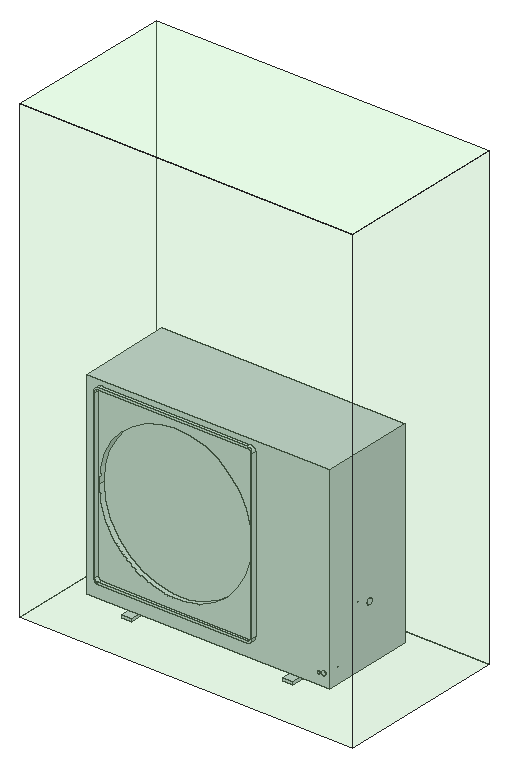
Revit family "BC_Hitachi_RAS3-HVNP1E_LOD200", category Equipement de génie climatique, Revit 2016
Family settings
  Type d'élément = Normal
  Cote de connecteur circulaire = Utiliser le diamètre
  Numéro OmniClass = 23.75.00.00
  Titre OmniClass = Climate Control (HVAC)
  Basée sur le plan de construction = Non
  Toujours verticalement = Oui
  Couper avec des vides une fois chargée = Non
  Partagée = Non
  Point de calcul de pièce = Non
Parameters (values of type "RAS-3HVNP1E")
  Sound power at rated load (dB(A)) = 63
  Product Code = "7E304018"
  Overall Width = 950.00 mm
  Overall Height = 800.00 mm
  Overall Depth = 370.00 mm
  Number of Poles = "1"
  Nominal heating power input = 1.52 kW
  Nominal cooling power input = 1.46 kW
  Nominal Voltage = 230 V
  Nominal Current = 21.5 A
  Modèle = "Outdoor Unit - IVX Premium"
  Minimum AC Voltage = 207 V
  Maximum Input Power = 4.9 kW
  Maximum AC Voltage = 253 V
  Mass = 103.00 kg
  Liquid Diameter = 9.52 mm
  Heating Capacity = 8 kW
  Gas Diameter = 15.88 mm
  Frequency = 50 Hz
  Floor fixations [instance] = yes
  Fan diameter = 600.00 mm
  Energy Efficiency Ratio (EER) = 4.49
  Sound pressure level heating (dB(A)) = "48"
  Sound pressure level Night mode cooling (dB(A)) = "42"
  Sound pressure level cooling (dB(A)) = "46"
  Service space [instance] = yes
  Running current heating = 6.7 A
  Running current cooling = 6.4 A
  Refrigerant charge = 2.30 kg
  Refrigerant = "R410A"
  Recommended circuit breaker = 20 A
  Nominal heating capacity (min) = 3.5 kW
  Nominal heating capacity (max) = 10.6 kW
  Nominal cooling capacity (min) = 3.2 kW
  Nominal cooling capacity (max) = 8 kW
  Minimum Connected Capacity (%) = "50"
  Maximum Connected Capacity (%) = "120"
  Maximum Air Flow = 45000.0 L/min
  Height liquid pipe = 315.09 mm
  Height Gas pipe = 232.09 mm
  Fabricant = "HITACHI"
  Description = "The CENTRIFUGE IVX solution has been created for integrate this outdoor group inside the building"
  Cooling Capacity = 7.1 kW
  Commentaires du type = "RAS-3HVNP1E"
  Color = ""
  Coefficient Of Performance (COP) = 4.88
Reference planes
  plane 1 "Centre (avant/arrière)": y = 0
  plane 2: z = 0
  plane 3 "Centre (gauche/droite)": x = 0
  plane 4 "Ar": y = 185
  plane 5 "Av": y = -185
  plane 6 "Haut": z = 800
  plane 7 "D": x = 475
  plane 8 "G": x = -475
  plane 9: y = 285
  plane 10: x = -575
  plane 11: x = 725
  plane 12: y = -385
  plane 13 "Service space hight": z = 1800
  plane 14: z = 32
  plane 15: z = 780
  plane 16: z = 92
  plane 17: x = -435
  plane 18: x = 185
  plane 19 "Gas": x = 453
  plane 20 "liquide": x = 433
Forms (mm)
  Extrusion 1, solid, material "Service space walls in 4 directions", visible <- "Service space"
    sketch origin (0, 0, 0) x (1, 0, 0) y (0, 1, 0)
      loop
        line (-575, 285) -> (-575, -385) -> (725, -385) -> (725, 285) -> (-575, 285)
    from 0 to 1800
  Extrusion 2, solid
    sketch origin (0, 0, 0) x (1, 0, 0) y (0, 1, 0)
      loop
        line (-475, 185) -> (-475, -185) -> (475, -185) -> (475, 185) -> (-475, 185)
    from 32 to 800
  Sweep 3, solid, visible <- "Floor fixations"
    path origin (115, -185, 0) x (1, 0, 0) y (0, 0, 1)
      loop
        line (-450, 32) -> (-410, 32)
    profile origin (-315, -185, 32) x (0, 0, 1) y (0, -1, 0)
      loop
        line (0, -185) -> (0, -138.475) -> (-22, -68.03) -> (-22, 5) -> (-32, 5) -> (-32, -69.555) -> (-10, -140) -> (-10, -185) -> (0, -185)
  Extrusion 4, solid
    sketch origin (-0.125, 0, 0.09) x (1, 0, 0) y (0, 0, 1)
      loop
        circle (453.125, 264) r 9
      loop
        circle (433.125, 347) r 5
    from 0 to 20
  Extrusion 5, solid
    sketch origin (483, 100, 284) x (0, -1, 0) y (0, 0, -1)
      loop
        circle (100, 23.117) r 10
    from 0 to 1
  Extrusion 6, void
    sketch origin (-60, -185, 140) x (1, 0, 0) y (0, 0, 1)
      loop
        circle (-65, 296) r 300
    from 0 to -20
  Sweep 7, solid, visible <- "Floor fixations"
    path origin (115, 185, 0) x (1, 0, 0) y (0, 0, -1)
      loop
        line (-450, -32) -> (-410, -32)
    profile origin (-315, 185, 32) x (0, 0, -1) y (0, 1, 0)
      loop
        line (0, -185) -> (10, -185) -> (10, -140) -> (32, -69.555) -> (32, 5) -> (22, 5) -> (22, -68.03) -> (0, -138.475) -> (0, -185)
  Sweep 8, solid, visible <- "Floor fixations"
    path origin (-115, -185, 0) x (-1, 0, 0) y (0, 0, 1)
      loop
        line (-450, 32) -> (-410, 32)
    profile origin (315, -185, 32) x (0, 0, -1) y (0, -1, 0)
      loop
        line (0, -185) -> (10, -185) -> (10, -140) -> (32, -69.555) -> (32, 5) -> (22, 5) -> (22, -68.03) -> (0, -138.475) -> (0, -185)
  Sweep 9, solid, visible <- "Floor fixations"
    path origin (-115, 185, 0) x (-1, 0, 0) y (0, 0, 1)
      loop
        line (-450, 32) -> (-410, 32)
    profile origin (315, 185, 32) x (0, 0, 1) y (0, 1, 0)
      loop
        line (0, -185) -> (0, -138.475) -> (-22, -68.03) -> (-22, 5) -> (-32, 5) -> (-32, -69.555) -> (-10, -140) -> (-10, -185) -> (0, -185)
  Extrusion 10, solid
    sketch origin (0, -185, 0) x (1, 0, 0) y (0, 0, 1)
      loop
        arc (-415, 780.629) -> (-429.142, 774.771) -> (-435, 760.629) r 20
        line (-435, 760.629) -> (-435, 112)
        arc (-435, 112) -> (-429.142, 97.858) -> (-415, 92) r 20
        line (-415, 92) -> (165, 92)
        arc (165, 92) -> (179.142, 97.858) -> (185, 112) r 20
        line (185, 112) -> (185, 760.629)
        arc (185, 760.629) -> (179.142, 774.771) -> (165, 780.629) r 20
        line (165, 780.629) -> (-415, 780.629)
      loop
        arc (-430, 112) -> (-425.607, 101.393) -> (-415, 97) r 15
        line (-415, 97) -> (165, 97)
        arc (165, 97) -> (175.607, 101.393) -> (180, 112) r 15
        line (180, 112) -> (180, 760.629)
        arc (180, 760.629) -> (175.607, 771.236) -> (165, 775.629) r 15
        line (165, 775.629) -> (-415, 775.629)
        arc (-415, 775.629) -> (-425.607, 771.236) -> (-430, 760.629) r 15
        line (-430, 760.629) -> (-430, 112)
    from 0 to 15
  Sweep 11, solid
    path in 3D
      loop
        line (453, -185, 79.5) -> (453, -125, 79.5) -> (453, -125, 264.09) -> (453, -20, 264.09)
    profile origin (453, -155, 79.5) x (0, 0, -1) y (-1, 0, 0)
      loop
        circle (0, 0) r 7.94
  Sweep 12, solid
    path in 3D
      loop
        line (433, -185, 77) -> (433, -125, 77) -> (433, -125, 347.09) -> (433, -20, 347.09)
    profile origin (433, -155, 77) x (0, 0, -1) y (-1, 0, 0)
      loop
        circle (0, 0) r 4.76
Cuts and joins
  Extrusion 6 cuts Extrusion 2
  joined: Extrusion 2, Extrusion 10
  joined: Sweep 3, Sweep 7
  joined: Sweep 8, Sweep 9
Lines and regions (mm)
  model lines, style "InvisibleLines"
    curve 1: line (475, 0, 800) -> (475, 0, 32)
    curve 2: line (475, -62.748, 800) -> (475, 57.252, 800)
  model lines, style "MechanicalEquipment"
    curve 3: circle (483, 0, 260.883) r 10 normal (1, 0, 0)
  model lines
    curve 4: line (426.98, -185, 119.935) -> (461.98, -185, 119.935)
    curve 5: line (416.98, -185, 74.935) -> (416.98, -185, 109.935)
    curve 6: line (461.98, -185, 64.935) -> (426.98, -185, 64.935)
    curve 7: line (471.98, -185, 109.935) -> (471.98, -185, 74.935)
    curve 8: arc (416.98, -185, 109.935) -> (419.909, -185, 117.006) -> (426.98, -185, 119.935) r 10
    curve 9: arc (461.98, -185, 119.935) -> (469.051, -185, 117.006) -> (471.98, -185, 109.935) r 10
    curve 10: arc (461.98, -185, 64.935) -> (469.051, -185, 67.864) -> (471.98, -185, 74.935) r 10
    curve 11: arc (426.98, -185, 64.935) -> (419.909, -185, 67.864) -> (416.98, -185, 74.935) r 10
    curve 12: line (453, -185, 79.5) -> (453, -125, 79.5)
    curve 13: line (453, -125, 79.5) -> (453, -125, 264.09)
    curve 14: line (453, -125, 264.09) -> (453, -20, 264.09)
    curve 18: line (433, -185, 77) -> (433, -125, 77)
    curve 19: line (433, -125, 77) -> (433, -125, 347.09)
    curve 20: line (433, -125, 347.09) -> (433, -20, 347.09)
  sketch lines
    curve 15: line (453, -185, 79.5) -> (453, -125, 79.5)
    curve 16: line (453, -125, 79.5) -> (453, -125, 264.09)
    curve 17: line (453, -125, 264.09) -> (453, -20, 264.09)
    curve 21: line (433, -185, 77) -> (433, -125, 77)
    curve 22: line (433, -125, 77) -> (433, -125, 347.09)
    curve 23: line (433, -125, 347.09) -> (433, -20, 347.09)
Dimensions and locks
  equal spacing: plane 4 "Ar", plane 1 "Centre (avant/arrière)", plane 5 "Av"
  "Overall Depth": plane 4 "Ar" to plane 5 "Av"
  "Overall Height": plane 2 to plane 6 "Haut"
  "Overall Width": plane 8 "G" to plane 7 "D"
  locked: plane 9 to plane 4 "Ar" at 100
  locked: plane 10 to plane 8 "G" at 100
  locked: plane 12 to plane 5 "Av" at 200
  locked: plane 7 "D" to plane 11 at 250
  locked: plane 13 "Service space hight" to plane 6 "Haut" at 1000
  equal spacing: plane 8 "G", plane 3 "Centre (gauche/droite)", plane 7 "D"
  plane 14 to plane 2 = 32.00 mm
  locked: plane 6 "Haut" to plane 15 at 20
  locked: plane 16 to plane 14 at 60
  equal spacing: plane 15, Extrusion 6 sketch curve, plane 16
  locked: plane 17 to plane 8 "G" at 40
  plane 18 to plane 17 = 620.00 mm
  equal spacing: plane 18, Extrusion 6 sketch curve, plane 17
  "Height liquid pipe": Extrusion 4 sketch curve to plane 14
  "Height Gas pipe": Extrusion 4 sketch curve to plane 14
  plane 20 "liquide" to plane 19 "Gas" = 20.00 mm
  diameter of Extrusion 4 sketch curve = 18.00 mm
  diameter of Extrusion 4 sketch curve = 10.00 mm
  "Fan diameter": diameter of Extrusion 6 sketch curve
  "Gas Diameter": diameter of Sweep 11 sketch curve
  "Liquid Diameter": diameter of Sweep 12 sketch curve
  aligned and locked: level to plane 2
  aligned and locked: Extrusion 1 sketch curve to plane 9
  aligned and locked: plane 10 to Extrusion 1 sketch curve
  aligned and locked: Extrusion 1 sketch curve to plane 12
  aligned and locked: plane 11 to Extrusion 1 sketch curve
  aligned and locked: plane 13 "Service space hight" to Extrusion 1
  aligned and locked: Extrusion 2 sketch curve to plane 4 "Ar"
  aligned and locked: plane 8 "G" to Extrusion 2 sketch curve
  aligned and locked: Extrusion 2 sketch curve to plane 5 "Av"
  aligned and locked: plane 7 "D" to Extrusion 2 sketch curve
  aligned and locked: plane 6 "Haut" to Extrusion 2
  aligned and locked: Extrusion 2 to plane 14
  aligned and locked: plane 1 "Centre (avant/arrière)" to curve 1
  aligned and locked: Sweep 3 sketch curve to plane 14
Automatic sketch dimensions
  curve 2 to plane 7 "D" = 0.00 mm
  curve 2 to plane 1 "Centre (avant/arrière)" = 57.252 mm
  plane 1 "Centre (avant/arrière)" to curve 2 = 62.748 mm
  Extrusion 10 sketch curve to plane 15 = 19.371 mm
  plane 16 to Extrusion 10 sketch curve = 20.00 mm
  plane 18 to Extrusion 10 sketch curve = 20.00 mm  (x2)
  Extrusion 10 sketch curve to Extrusion 10 sketch curve = 0.00 mm  (x11)
  plane 17 to Extrusion 10 sketch curve = 5.00 mm
  Extrusion 10 sketch curve to plane 17 = 0.00 mm
  Extrusion 10 sketch curve to plane 16 = 0.00 mm
  plane 18 to Extrusion 10 sketch curve = 0.00 mm
  Extrusion 10 sketch curve to Extrusion 10 sketch curve = 15.00 mm
  curve 3 to plane 1 "Centre (avant/arrière)" = 0.00 mm
  plane 16 to curve 3 = 168.883 mm
  Extrusion 5 sketch curve to plane 1 "Centre (avant/arrière)" = 0.00 mm
  plane 16 to Extrusion 5 sketch curve = 168.883 mm
  plane 20 "liquide" to curve 8 = 6.02 mm
  plane 20 "liquide" to curve 11 = 6.02 mm
  curve 5 to curve 8 = 10.00 mm
  curve 4 to plane 19 "Gas" = 8.98 mm
  curve 10 to plane 19 "Gas" = 8.98 mm
  plane 7 "D" to curve 7 = 3.02 mm
  curve 6 to plane 16 = 27.065 mm
  plane 16 to curve 7 = 17.935 mm
  Sweep 3 sketch curve to plane 14 = 0.00 mm
  plane 17 to Sweep 3 sketch curve = 100.00 mm
  Sweep 3 sketch curve to Sweep 3 sketch curve = 40.00 mm
  profile plane to Sweep 3 sketch curve = 10.00 mm
  profile plane to Sweep 3 sketch curve = 22.00 mm
  plane 5 "Av" to Sweep 3 sketch curve = 5.00 mm
  Sweep 3 sketch curve to Sweep 3 sketch curve = 10.00 mm
  Sweep 3 sketch curve to plane 5 "Av" = 68.03 mm
  Sweep 3 sketch curve to Sweep 3 sketch curve = 1.525 mm  (x2)
  Sweep 3 sketch curve to Sweep 3 sketch curve = 70.445 mm
  Sweep 3 sketch curve to Sweep 3 sketch curve = 45.00 mm
  curve 1 to plane 14 = 0.00 mm
  curve 1 to plane 6 "Haut" = 0.00 mm
  Sweep 7 sketch curve to plane 14 = 0.00 mm
  plane 17 to Sweep 7 sketch curve = 100.00 mm
  Sweep 7 sketch curve to Sweep 7 sketch curve = 40.00 mm
  Sweep 7 sketch curve to profile plane = 0.00 mm
  Sweep 7 sketch curve to Sweep 7 sketch curve = 10.00 mm  (x2)
  profile plane to Sweep 7 sketch curve = 5.00 mm
  Sweep 7 sketch curve to profile plane = 22.00 mm
  Sweep 7 sketch curve to profile plane = 68.03 mm
  Sweep 7 sketch curve to Sweep 7 sketch curve = 1.525 mm  (x2)
  Sweep 7 sketch curve to Sweep 7 sketch curve = 70.445 mm
  Sweep 7 sketch curve to Sweep 7 sketch curve = 45.00 mm
  Sweep 8 sketch curve to plane 14 = 0.00 mm
  Sweep 8 sketch curve to plane 20 "liquide" = 98.00 mm
  Sweep 8 sketch curve to Sweep 8 sketch curve = 40.00 mm
  Sweep 8 sketch curve to profile plane = 0.00 mm
  Sweep 8 sketch curve to Sweep 8 sketch curve = 10.00 mm  (x2)
  plane 5 "Av" to Sweep 8 sketch curve = 5.00 mm
  Sweep 8 sketch curve to profile plane = 22.00 mm
  Sweep 8 sketch curve to plane 5 "Av" = 68.03 mm
  Sweep 8 sketch curve to Sweep 8 sketch curve = 1.525 mm  (x2)
  Sweep 8 sketch curve to Sweep 8 sketch curve = 70.445 mm
  Sweep 8 sketch curve to Sweep 8 sketch curve = 45.00 mm
  Sweep 9 sketch curve to plane 14 = 0.00 mm
  plane 20 "liquide" to Sweep 9 sketch curve = 98.00 mm
  Sweep 9 sketch curve to Sweep 9 sketch curve = 40.00 mm
  profile plane to Sweep 9 sketch curve = 0.00 mm
  profile plane to Sweep 9 sketch curve = 10.00 mm
  profile plane to Sweep 9 sketch curve = 22.00 mm
  profile plane to Sweep 9 sketch curve = 5.00 mm
  Sweep 9 sketch curve to Sweep 9 sketch curve = 10.00 mm
  Sweep 9 sketch curve to profile plane = 68.03 mm
  Sweep 9 sketch curve to Sweep 9 sketch curve = 1.525 mm  (x2)
  Sweep 9 sketch curve to Sweep 9 sketch curve = 70.445 mm
  Sweep 9 sketch curve to Sweep 9 sketch curve = 45.00 mm
  curve 12 to plane 5 "Av" = 0.00 mm
  plane 16 to curve 13 = 12.50 mm
  plane 5 "Av" to curve 13 = 60.00 mm
  curve 12 to curve 14 = 184.59 mm
  curve 14 to plane 1 "Centre (avant/arrière)" = 20.00 mm
  curve 18 to plane 5 "Av" = 0.00 mm
  plane 16 to curve 19 = 15.00 mm
  plane 5 "Av" to curve 19 = 60.00 mm
  curve 20 to plane 16 = 255.09 mm
  curve 20 to plane 1 "Centre (avant/arrière)" = 20.00 mm
  plane 20 "liquide" to Extrusion 4 sketch curve = 0.00 mm
  plane 19 "Gas" to Extrusion 4 sketch curve = 0.00 mm
  Sweep 11 sketch curve to profile plane = 0.00 mm
  profile plane to Sweep 11 sketch curve = 0.00 mm
  Sweep 12 sketch curve to profile plane = 0.00 mm
  profile plane to Sweep 12 sketch curve = 0.00 mm
  radius of curve 3 = 10.00 mm
  radius of Extrusion 5 sketch curve = 10.00 mm
Connectors
  electrical at (484, 0, 260.883), driven by "Nominal Voltage"
    settings: on Extrusion 5, index 3, voltage 230 V, apparent load 0 VA, apparent load phase1 0 VA, apparent load phase2 0 VA, apparent load phase3 0 VA, power factor 1, load classification "Autre", number of poles 1, system type 30, power factor state 1, is connector primary yes, connector utility no, sub classification motor no, connector description ""
  piping at (453, -185, 79.5), diameter 15.88, driven by "Gas Diameter"
    settings: on Sweep 11, index 7, connector inside diameter 609.6 mm, connector length 0.00 mm, flow factor 0, pipe flow 0.0 L/s, pressure drop 0.0 Pa, fitting loss kfactor 0, connector angle 0.00°, fixture units 0, engagement length 0.00 mm, angle of deflection 0.00°, flow configuration 0, flow direction 0, fitting loss method 0, system type 29, joint type 0, gender type 0, connector reference index -1, connector utility 0, adjustable connector no, is connector primary yes, connector description ""
  piping at (433, -185, 77), diameter 9.52, driven by "Liquid Diameter"
    settings: on Sweep 12, index 8, connector inside diameter 609.6 mm, connector length 0.00 mm, flow factor 0, pipe flow 0.0 L/s, pressure drop 0.0 Pa, fitting loss kfactor 0, connector angle 0.00°, fixture units 0, engagement length 0.00 mm, angle of deflection 0.00°, flow configuration 0, flow direction 0, fitting loss method 0, system type 29, joint type 0, gender type 0, connector reference index -1, connector utility 0, adjustable connector no, is connector primary no, connector description ""
